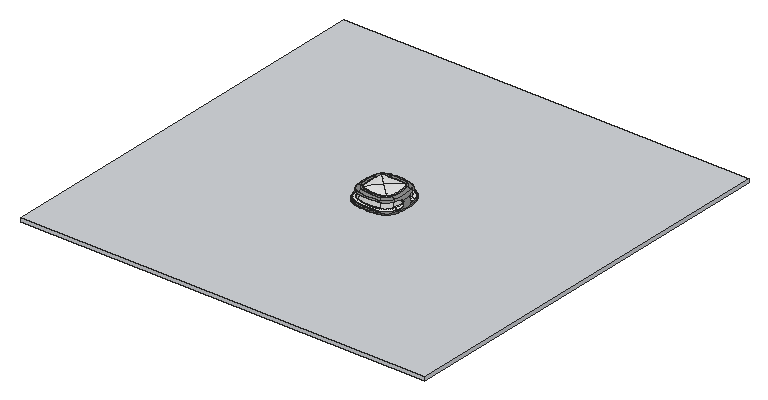
Revit family
Parameters (values of type "AM 1x16w TC-DDEL HF RD S ANT")
  Width = 295 mm
  Web Link to Docs = "http://www.thornlighting.com/en"
  Wattage Comments = ""
  Wattage = 36.2069 W
  Warrenty = ""
  built-in parameter 1150110 = 1 (stored number, unit not read)
  built-in parameter 1114217 = 1 (stored number, unit not read)
  Tilt Angle = -90.00°
  built-in parameter 1150109 = 1 (stored number, unit not read)
  built-in parameter 1150134 = 12
  built-in parameter 1150113 = 1 (stored number, unit not read)
  Supply Circuit Connections = ""
  Special Considerations = ""
  Spares List = "http://www.thornlighting.com/en/contact-us/contact-form"
  Sap Code = "96226992"
  Rating = "16"
  Power Factor = 0.63
  Placement Type = "Ceiling / Wall"
  Photometric Web File = "AM 1x16w TC-DDEL HF RD S ANT.IES"
  Phase Ref = ""
  Omniclass / Uniclass = ""
  No of Sources = 1
  No of Lamps = 1
  Mounting Type = "Surface"
  Mass = "1.6"
  Manufacturer = "Thorn Lighting"
  built-in parameter 1150105 = 83.556 (stored number, unit not read)
  Lumens = 1050 lm
  built-in parameter 1150115 = 1 (stored number, unit not read)
  built-in parameter 1150137 = (empty or 0)
  built-in parameter 1150139 = (empty or 0)
  Length = 295 mm
  Lamp Type = "Compact Fluroescent"
  built-in parameter 1150112 = 1 (stored number, unit not read)
  Lamp Position = "std"
  built-in parameter 1150114 = 1 (stored number, unit not read)
  Lamp = "16W TC-DDEL"
  built-in parameter 1150132 = 2
  built-in parameter 1150102 = (empty or 0)
  built-in parameter 1150107 = 4000 (stored number, unit not read)
  built-in parameter 1150138 = (empty or 0)
  built-in parameter 1150106 = 0.83556 (stored number, unit not read)
  IP Rating = "IP65"
  IK Rating = "IK09"
  Hz = 50 Hz
  Height = 79 mm
  F Marking = ""
  Emit from Circle Diameter = 200 mm
  Emit Shape Visible in Rendering = no
  built-in parameter 1150104 = 2.6942 (stored number, unit not read)
  Earthing Class = "1"
  Earth Present = yes
  Dimming Lamp Color Temperature Shift = (empty or 0)
  Default Elevation = 1219.2 mm
  Cost = 0
  Color Filter = 16777215
  Circuit Watts = 18 W
  CAD Model Ref Link = "http://www.thornlighting.com/en"
  Batch Ref = ""
  Ballast Type = "A3"
  built-in parameter 1114218 = 1 (stored number, unit not read)
  built-in parameter 1150133 = 10 (stored number, unit not read)
  Assembly Place = ""
  Aquisition date = ""
  Apparent Load = Circuit Watts / Power Factor  # 28.5714 VA
Types (3, lengths in mm): name | Wattage | Sap Code | Rating | Power Factor | Photometric Web File | No of Lamps | Mass | built-in parameter 1150105 | Lumens | Lamp | built-in parameter 1150106 | built-in parameter 1150104 | Circuit Watts | Ballast Type | Apparent Load
  (no name) | 36.2069 W | "96226992" | "16" | 0.63 | "AM 1x16w TC-DDEL HF RD S ANT.IES" | 1 | "1.6" | 83.556 (stored number, unit not read) | 1050 lm | "16W TC-DDEL" | 0.83556 (stored number, unit not read) | 2.6942 (stored number, unit not read) | 18 W | "A3" | 28.5714 VA
  AM 1x16w TC-DDEL HF RD S ANT | 36.2069 W | "96226992" | "16" | 0.63 | "AM 1x16w TC-DDEL HF RD S ANT.IES" | 1 | "1.6" | 83.556 (stored number, unit not read) | 1050 lm | "16W TC-DDEL" | 0.83556 (stored number, unit not read) | 2.6942 (stored number, unit not read) | 18 W | "A3" | 28.5714 VA
  AM 2x9w TC-SEL HF SQ S ANT | 44.4444 W | "96226950" | "9" | 0.6 | "AM 2x9w TC-SEL HF SQ S ANT.IES" | 2 | "1.5" | 95.493 (stored number, unit not read) | 1200 lm | "9W TC-SEL" | 0.95493 (stored number, unit not read) | 2.5084 (stored number, unit not read) | 18.5 W | "A2" | 30.8333 VA
Reference planes
  plane 1 "Centre (Front/Back)": y = 0
  plane 2: z = 0
  plane 3 "Centre (Left/Right)": x = 0
Forms (mm)
  Extrusion 1, solid
    sketch origin (0, 0, 0) x (1, 0, 0) y (0, 1, 0)
      loop
        line (-1219.2, 1219.2) -> (-1219.2, -1219.2) -> (1219.2, -1219.2) -> (1219.2, 1219.2) -> (-1219.2, 1219.2)
    from 0 to -20
  Sweep 2, solid, material "Thorn Grey Aluminium"
    path origin (0, 0, 0) x (1, 0, 0) y (0, 1, 0)
      loop
        arc (-91.186, 59.361) -> (-98.67, 0) -> (-91.186, -59.361) r 239.17
        arc (-91.186, -59.361) -> (-79.631, -79.631) -> (-59.361, -91.186) r 44.17
        arc (-59.361, -91.186) -> (0, -98.67) -> (59.361, -91.186) r 239.17
        arc (59.361, -91.186) -> (79.631, -79.631) -> (91.186, -59.361) r 44.17
        arc (91.186, -59.361) -> (98.67, 0) -> (91.186, 59.361) r 239.17
        arc (91.186, 59.361) -> (79.631, 79.631) -> (59.361, 91.186) r 44.17
        arc (59.361, 91.186) -> (0, 98.67) -> (-59.361, 91.186) r 239.17
        arc (-59.361, 91.186) -> (-79.631, 79.631) -> (-91.186, 59.361) r 44.17
    profile origin (-98.67, 0, 0) x (1, 0, 0) y (0, 0, 1)
      loop
        arc (-4.062, 68.143) -> (-13.115, 65.652) -> (-21.064, 60.656) r 32.201
        arc (-21.064, 60.656) -> (-28.041, 52.821) -> (-33.522, 43.875) r 59.045
        arc (-33.522, 43.875) -> (-41.573, 25.652) -> (-47.734, 6.705) r 195.994
        arc (-47.734, 6.705) -> (-45.514, 1.95) -> (-40.642, 0) r 7.133
        line (-40.642, 0) -> (11.347, 0) -> (11.347, 2) -> (-40.59, 2)
        arc (-40.59, 2) -> (-44.013, 3.287) -> (-45.71, 6.525) r 5.133
        arc (-45.71, 6.525) -> (-39.641, 25.105) -> (-31.733, 42.981) r 193.994
        arc (-31.733, 42.981) -> (-26.451, 51.608) -> (-19.729, 59.166) r 57.045
        arc (-19.729, 59.166) -> (-12.342, 63.807) -> (-3.938, 66.143) r 30.201
        line (-3.938, 66.143) -> (2.585, 66.143)
        arc (2.585, 66.143) -> (6.961, 67.167) -> (11.347, 68.143) r 412.137
        line (11.347, 68.143) -> (-4.062, 68.143)
  Extrusion 3, void
    sketch origin (0, 0, 0) x (0, 1, 0) y (0, 0, 1)
      loop
        arc (41.739, 54.081) -> (21.775, 34.117) -> (41.739, 14.152) r 19.964
        line (41.739, 14.152) -> (180, 14.152) -> (180, 54.081) -> (41.739, 54.081)
      loop
        line (-41.739, 54.081) -> (-174.233, 54.081) -> (-174.233, 14.152) -> (-41.739, 14.152)
        arc (-41.739, 14.152) -> (-21.775, 34.117) -> (-41.739, 54.081) r 19.964
    from 202.749 to -202.743
  Sweep 4, solid, material "Thorn Opal Polycarbonate"
    path origin (0, 0, 0) x (1, 0, 0) y (0, 1, 0)
      loop
        arc (59.361, 91.186) -> (0, 98.67) -> (-59.361, 91.186) r 239.17
        arc (-59.361, 91.186) -> (-79.631, 79.631) -> (-91.186, 59.361) r 44.17
        arc (-91.186, 59.361) -> (-98.67, 0) -> (-91.186, -59.361) r 239.17
        arc (-91.186, -59.361) -> (-79.631, -79.631) -> (-59.361, -91.186) r 44.17
        arc (-59.361, -91.186) -> (0, -98.67) -> (59.361, -91.186) r 239.17
        arc (59.361, -91.186) -> (79.631, -79.631) -> (91.186, -59.361) r 44.17
        arc (91.186, -59.361) -> (98.67, 0) -> (91.186, 59.361) r 239.17
        arc (91.186, 59.361) -> (79.631, 79.631) -> (59.361, 91.186) r 44.17
    profile origin (0, 98.67, 0) x (0, -1, 0) y (0, 0, 1)
      loop
        arc (-19.525, 19.768) -> (-20.399, 17.804) -> (-22.362, 16.929) r 3
        arc (-22.362, 16.929) -> (-29.481, 16.04) -> (-36.402, 14.152) r 50.566
        line (-36.402, 14.152) -> (-43.451, 14.152) -> (-43.451, 12.152) -> (-36.058, 12.152)
        arc (-36.058, 12.152) -> (-29.258, 14.045) -> (-22.255, 14.932) r 48.566
        arc (-22.255, 14.932) -> (-18.984, 16.391) -> (-17.528, 19.663) r 5
        line (-17.528, 19.663) -> (-15.62, 56.081) -> (-22.562, 56.081) -> (-24.362, 54.081) -> (-17.727, 54.081) -> (-19.525, 19.768)
  Extrusion 5, solid, material "Thorn Opal Polycarbonate"
    sketch origin (0, 0, 0) x (1, 0, 0) y (0, 1, 0)
      loop
        arc (-80.194, -56.545) -> (-71.607, -71.607) -> (-56.545, -80.194) r 32.822
        arc (-56.545, -80.194) -> (0, -87.322) -> (56.545, -80.194) r 227.822
        arc (56.545, -80.194) -> (71.607, -71.607) -> (80.194, -56.545) r 32.822
        arc (80.194, -56.545) -> (87.322, 0) -> (80.194, 56.545) r 227.822
        arc (80.194, 56.545) -> (71.607, 71.607) -> (56.545, 80.194) r 32.822
        arc (56.545, 80.194) -> (0, 87.322) -> (-56.545, 80.194) r 227.822
        arc (-56.545, 80.194) -> (-71.607, 71.607) -> (-80.194, 56.545) r 32.822
        arc (-80.194, 56.545) -> (-87.322, 0) -> (-80.194, -56.545) r 227.822
    from 85 to 60.597
  Extrusion 6, void
    sketch origin (0, 0, 0) x (1, 0, 0) y (0, 0, 1)
      loop
        line (83.758, 68.143) -> (95.121, 68.143) -> (95.121, 93.143) -> (-96.813, 93.143) -> (-96.813, 68.143) -> (-83.758, 68.143)
        arc (-83.758, 68.143) -> (0, 77) -> (83.758, 68.143) r 400.464
    from 100 to -100
  Extrusion 7, void
    sketch origin (0, 0, 0) x (0, 1, 0) y (0, 0, 1)
      loop
        arc (-83.758, 68.143) -> (0, 77) -> (83.758, 68.143) r 400.464
        line (83.758, 68.143) -> (95.121, 68.143) -> (95.121, 93.143) -> (-95.121, 93.143) -> (-95.121, 68.143) -> (-83.758, 68.143)
    from 100 to -100
Cuts and joins
  Extrusion 3, Extrusion 6, Extrusion 7 cuts Sweep 2
  Extrusion 6, Extrusion 7 cuts Extrusion 5
Dimensions and locks
  aligned and locked: plane 2 to Extrusion 1
  aligned and locked: level to Extrusion 1
Connectors
  electrical at (0, 0, 0), driven by "Power Factor", driven by "Apparent Load"
    settings: on cut or joined group of Sweep 2, Extrusion 3, Extrusion 6, Extrusion 7, index 1, voltage 230 V, apparent load 0 VA, apparent load phase1 28.5714 VA, apparent load phase2 0 VA, apparent load phase3 0 VA, power factor 0.63, load classification "Other", number of poles 1, system type 31, power factor state 1, is connector primary yes, connector utility no, sub classification motor no, connector description ""
